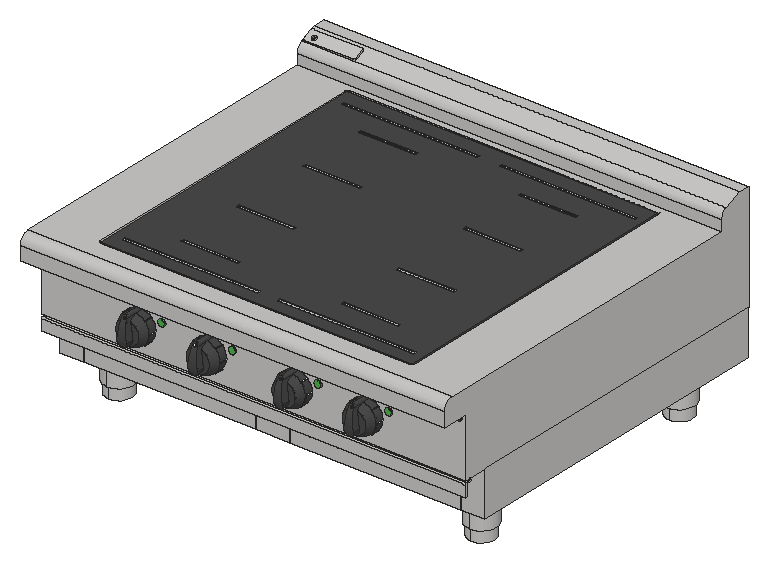
Revit family "QF_Moffat_INL8400F-B_Induction_Cooktop_cat", category Specialty Equipment, Revit 2019
Family settings
  Round Connector Dimension = Use Diameter
  Part Type = Normal
  Work Plane-Based = No
  Always vertical = Yes
  Cut with Voids When Loaded = No
  Shared = No
  Room Calculation Point = No
Parameters (values of type "INL8400F-B_415/60/3")
  Weight in Kilograms = 105
  Watts = 20000 W
  Volts = 415 V
  URL Cutsheet = ""
  Specification by User = ""
  Specification by Manufacturer = ""
  Show Logo [instance] = yes
  Serial Number = ""
  Seismic Rating = ""
  SMACNA No = ""
  Revision Code = ""
  Phase = 3
  Number of Poles = 1
  NAFEM Spec ID Number = ""
  Model = "INL8400F-B"
  Min Ckt Ampacity = 0 A
  Max Overcurrent Protection = 0 A
  Masterspec = ""
  Manufacturer = "Moffat"
  Length = 900 mm
  Item Number = ""
  Installed By = ""
  Identify Quantity as Lot = yes
  Height = 410 mm
  HP = ""
  Furnished By = ""
  Foodservice Equipment Identifier = yes
  FL Amps = 28 A
  Electrical Remarks = ""
  Electric Connection Type = ""
  Elec Conn RI Height = 0 mm
  Elec Conn Connection Height = 0 mm
  Description = "Induction Cooktop"
  Depth = 805 mm
  Cycle = 60 Hz
  Conn Plug = ""
  Conn Conduit = yes
  CSI MasterFormat = ""
  Apparent Power = 19376 VA
Types (2, lengths in mm): name | Volts | Cycle
  INL8400F-B_415/60/3 | 415 V | 60 Hz
  INL8400F-B_400/50/3 | 400 V | 50 Hz
Reference planes
  plane 1 "BACK": y = 0
  plane 2: z = 0
  plane 3 "LEFT": x = 0
  plane 4 "RIGHT": x = 900
  plane 5 "FRONT": y = -805
  plane 6 "TOP": z = 410
  plane 7 "Center Y": x = 450
  plane 8 "Center X": y = -402.5
  plane 9: x = 65.5
  plane 10: y = -30
  plane 11: x = 770
  plane 12: z = 85
  plane 13: y = -100
  plane 14: y = -625
  plane 15: y = -70
  plane 16: z = 355
  plane 17: z = 75
  plane 18: x = 834.5
Forms (mm)
  Extrusion 1, solid, material "QF_Metal_Stainless_Polished"
    sketch origin (0, 0, 0) x (0, 1, 0) y (0, 0, 1)
      loop
        line (0, 180) -> (0, 410) -> (-23.147, 410) -> (-57.632, 395.362)
        arc (-57.632, 395.362) -> (-66.628, 387.88) -> (-70, 376.676) r 20.3
        line (-70, 376.676) -> (-70, 355) -> (-784.417, 355)
        arc (-784.417, 355) -> (-798.971, 348.971) -> (-805, 334.417) r 20.583
        line (-805, 334.417) -> (-805, 305) -> (-749, 305) -> (-749, 180) -> (0, 180)
    from 0 to 900
  Extrusion 2, void
    sketch origin (0, -784.171, 355) x (0, 1, 0) y (-1, 0, 0)
      loop
        arc (699.341, -122.382) -> (697.584, -118.139) -> (693.341, -116.382) r 6
        line (693.341, -116.382) -> (45.245, -116.382)
        arc (45.245, -116.382) -> (41.002, -118.139) -> (39.245, -122.382) r 6
        line (39.245, -122.382) -> (39.245, -777.618)
        arc (39.245, -777.618) -> (41.002, -781.861) -> (45.245, -783.618) r 6
        line (45.245, -783.618) -> (693.341, -783.618)
        arc (693.341, -783.618) -> (697.584, -781.861) -> (699.341, -777.618) r 6
        line (699.341, -777.618) -> (699.341, -122.382)
    from 0 to -9.5
  Extrusion 3, solid, material "QF_Plastic_Black_Smooth"
    sketch origin (0, -784.171, 355) x (0, 1, 0) y (-1, 0, 0)
      loop
        line (695.341, -777.618) -> (695.341, -122.382)
        arc (695.341, -122.382) -> (694.755, -120.968) -> (693.341, -120.382) r 2
        line (693.341, -120.382) -> (45.245, -120.382)
        arc (45.245, -120.382) -> (43.831, -120.968) -> (43.245, -122.382) r 2
        line (43.245, -122.382) -> (43.245, -777.618)
        arc (43.245, -777.618) -> (43.831, -779.032) -> (45.245, -779.618) r 2
        line (45.245, -779.618) -> (693.341, -779.618)
        arc (693.341, -779.618) -> (694.755, -779.032) -> (695.341, -777.618) r 2
      loop
        line (663.444, -138.924) -> (657.444, -138.924) -> (657.444, -426.076) -> (663.444, -426.076) -> (663.444, -138.924)
      loop
        line (78.838, -141.424) -> (72.838, -141.424) -> (72.838, -428.576) -> (78.838, -428.576) -> (78.838, -141.424)
      loop
        line (663.444, -761.076) -> (663.444, -473.924) -> (657.444, -473.924) -> (657.444, -761.076) -> (663.444, -761.076)
      loop
        line (78.838, -758.576) -> (78.838, -471.424) -> (72.838, -471.424) -> (72.838, -758.576) -> (78.838, -758.576)
      loop
        line (600.671, -220) -> (600.671, -340) -> (606.671, -340) -> (606.671, -220) -> (600.671, -220)
      loop
        line (454.421, -220) -> (454.421, -340) -> (460.421, -340) -> (460.421, -220) -> (454.421, -220)
      loop
        line (283.728, -340) -> (283.728, -220) -> (277.728, -220) -> (277.728, -340) -> (283.728, -340)
      loop
        line (136.404, -340) -> (136.404, -220) -> (130.404, -220) -> (130.404, -340) -> (136.404, -340)
      loop
        line (600.671, -680) -> (606.671, -680) -> (606.671, -560) -> (600.671, -560) -> (600.671, -680)
      loop
        line (454.421, -680) -> (460.421, -680) -> (460.421, -560) -> (454.421, -560) -> (454.421, -680)
      loop
        line (283.728, -560) -> (277.728, -560) -> (277.728, -680) -> (283.728, -680) -> (283.728, -560)
      loop
        line (136.404, -560) -> (130.404, -560) -> (130.404, -680) -> (136.404, -680) -> (136.404, -560)
    from 0 to -9.5
  Extrusion 4, solid, material "QF_Metal_Stainless_Polished"
    sketch origin (0, 0, 40) x (0, 1, 0) y (0, 0, 1)
      loop
        line (-739.467, 140) -> (-738.192, 134.838)
        arc (-738.192, 134.838) -> (-738.307, 134.302) -> (-738.799, 134.063) r 0.625
        line (-738.799, 134.063) -> (-746.111, 134.063)
        arc (-746.111, 134.063) -> (-748.011, 133.276) -> (-748.797, 131.377) r 2.686
        line (-748.797, 131.377) -> (-748.797, 107.627) -> (-747.197, 107.627) -> (-747.197, 131.242)
        arc (-747.197, 131.242) -> (-746.84, 132.105) -> (-745.976, 132.463) r 1.221
        line (-745.976, 132.463) -> (-738.755, 132.463)
        arc (-738.755, 132.463) -> (-737.028, 133.304) -> (-736.625, 135.182) r 2.194
        line (-736.625, 135.182) -> (-737.815, 140) -> (-739.467, 140)
    from 0 to 900
  Extrusion 5, solid, material "QF_Plastic_Black_Smooth"
    sketch origin (0, -749, 181.875) x (0, 0, 1) y (-1, 0, 0)
      loop
        circle (112.843, -13.157) r 5
      loop
        circle (112.843, -886.843) r 5
    from 0 to 1.6
  Extrusion 6, solid, material "QF_Metal_Stainless_Polished"
    sketch origin (450, -699, 85) x (0, 1, 0) y (1, 0, 0)
      loop
        circle (669, 320) r 6.35
    from 0 to 10
  Extrusion 7, solid, material "QF_Metal_Stainless_Polished"
    sketch origin (0, -699, 85) x (1, 0, 0) y (0, -1, 0)
      loop
        line (0, -699) -> (900, -699) -> (900, 0) -> (849.2, 0) -> (849.2, -25.4) -> (485.8, -25.4) -> (485.8, 0) -> (414.2, 0) -> (414.2, -25.4) -> (50.8, -25.4) -> (50.8, 0) -> (0, 0) -> (0, -699)
    from 0 to -95
  Extrusion 8, solid, material "QF_Metal_Stainless_Polished"
    sketch origin (50.8, -30, 85) x (0, 1, 0) y (0, 0, 1)
      loop
        line (-669, 0) -> (-643.6, 0) -> (-643.6, 26.45) -> (-669, 26.45) -> (-669, 0)
      loop
        line (-669, 32.45) -> (-643.6, 32.45) -> (-643.6, 66.4) -> (-669, 66.4) -> (-669, 32.45)
      loop
        line (-669, 67.4) -> (-643.6, 67.4) -> (-643.6, 95) -> (-669, 95) -> (-669, 67.4)
    from 0 to 363.4
  Revolve 9, solid, material "QF_Metal_Stainless_Polished"
    sketch origin (65.5, -4572, -304.8) x (0, 0, -1) y (0, -1, 0)
      loop
        line (-304.8, -4499.5) -> (-304.8, -4472) -> (-389.8, -4472) -> (-389.8, -4503.75) -> (-329.8, -4503.75) -> (-329.8, -4499.5) -> (-304.8, -4499.5)
      axis (-389.8, -4472) -> (-304.8, -4472)
    angle from 0 to 360
  Revolve 10, solid, material "QF_Metal_Stainless_Polished"
    sketch origin (65.5, -4572, -304.8) x (0, 0, -1) y (0, -1, 0)
      loop
        line (-304.8, -3974.5) -> (-304.8, -3947) -> (-389.8, -3947) -> (-389.8, -3978.75) -> (-329.8, -3978.75) -> (-329.8, -3974.5) -> (-304.8, -3974.5)
      axis (-389.8, -3947) -> (-304.8, -3947)
    angle from 0 to 360
  Revolve 11, solid, material "QF_Metal_Stainless_Polished"
    sketch origin (834.5, -4572, -304.8) x (0, 0, -1) y (0, 1, 0)
      loop
        line (-304.8, 4499.5) -> (-329.8, 4499.5) -> (-329.8, 4503.75) -> (-389.8, 4503.75) -> (-389.8, 4472) -> (-304.8, 4472) -> (-304.8, 4499.5)
      axis (-389.8, 4472) -> (-304.8, 4472)
    angle from 0 to 360
  Revolve 12, solid, material "QF_Metal_Stainless_Polished"
    sketch origin (834.5, -4572, -304.8) x (0, 0, -1) y (0, 1, 0)
      loop
        line (-304.8, 3974.5) -> (-329.8, 3974.5) -> (-329.8, 3978.75) -> (-389.8, 3978.75) -> (-389.8, 3947) -> (-304.8, 3947) -> (-304.8, 3974.5)
      axis (-389.8, 3947) -> (-304.8, 3947)
    angle from 0 to 360
  Extrusion 13, solid, material "QF_Metal_Stainless_Polished"
    sketch origin (900, 0, 0) x (-1, 0, 0) y (0, -1, 0)
      loop
        line (761.076, 126.726) -> (473.924, 126.726) -> (473.924, 120.726) -> (761.076, 120.726) -> (761.076, 126.726)
      loop
        line (680, 183.5) -> (560, 183.5) -> (560, 177.5) -> (680, 177.5) -> (680, 183.5)
      loop
        line (680, 329.75) -> (560, 329.75) -> (560, 323.75) -> (680, 323.75) -> (680, 329.75)
      loop
        line (680, 506.443) -> (560, 506.443) -> (560, 500.443) -> (680, 500.443) -> (680, 506.443)
      loop
        line (680, 653.766) -> (560, 653.766) -> (560, 647.766) -> (680, 647.766) -> (680, 653.766)
      loop
        line (758.576, 711.333) -> (471.424, 711.333) -> (471.424, 705.333) -> (758.576, 705.333) -> (758.576, 711.333)
      loop
        line (138.924, 126.726) -> (138.924, 120.726) -> (426.076, 120.726) -> (426.076, 126.726) -> (138.924, 126.726)
      loop
        line (220, 183.5) -> (220, 177.5) -> (340, 177.5) -> (340, 183.5) -> (220, 183.5)
      loop
        line (220, 329.75) -> (220, 323.75) -> (340, 323.75) -> (340, 329.75) -> (220, 329.75)
      loop
        line (220, 506.443) -> (220, 500.443) -> (340, 500.443) -> (340, 506.443) -> (220, 506.443)
      loop
        line (220, 653.766) -> (220, 647.766) -> (340, 647.766) -> (340, 653.766) -> (220, 653.766)
      loop
        line (141.424, 711.333) -> (141.424, 705.333) -> (428.576, 705.333) -> (428.576, 711.333) -> (141.424, 711.333)
    from 355 to 345.5
  Extrusion 14, solid, material "QF_Paint_Green"
    sketch origin (123.231, -748.999, 153.75) x (0, 0, 1) y (-1, 0, 0)
      loop
        circle (100.3, -282.5) r 7.15
    from 0 to 1.6
  Extrusion 15, solid, material "QF_Plastic_Black_Smooth"
    sketch origin (135, -748.999, 165.625) x (0, 0, 1) y (-1, 0, 0)
      loop
        circle (112.843, -225) r 5
    from 0 to 1.6
  Extrusion 16, solid, material "QF_Paint_Green"
    sketch origin (-26.769, -748.999, 153.75) x (0, 0, 1) y (-1, 0, 0)
      loop
        circle (100.3, -282.5) r 7.15
    from 0 to 1.6
  Extrusion 17, solid, material "QF_Plastic_Black_Smooth"
    sketch origin (-15, -748.999, 165.625) x (0, 0, 1) y (-1, 0, 0)
      loop
        circle (112.843, -225) r 5
    from 0 to 1.6
  Extrusion 18, solid, material "QF_Paint_Green"
    sketch origin (454.481, -748.999, 153.75) x (0, 0, 1) y (-1, 0, 0)
      loop
        circle (100.3, -282.5) r 7.15
    from 0 to 1.6
  Extrusion 19, solid, material "QF_Plastic_Black_Smooth"
    sketch origin (466.25, -748.999, 165.625) x (0, 0, 1) y (-1, 0, 0)
      loop
        circle (112.843, -225) r 5
    from 0 to 1.6
  Extrusion 20, solid, material "QF_Paint_Green"
    sketch origin (304.481, -748.999, 153.75) x (0, 0, 1) y (-1, 0, 0)
      loop
        circle (100.3, -282.5) r 7.15
    from 0 to 1.6
  Extrusion 21, solid, material "QF_Plastic_Black_Smooth"
    sketch origin (316.25, -748.999, 165.625) x (0, 0, 1) y (-1, 0, 0)
      loop
        circle (112.843, -225) r 5
    from 0 to 1.6
  Extrusion 22, solid, material "QF_Metal_Stainless_Polished"
    sketch origin (849.2, -30, 85) x (0, 1, 0) y (0, 0, -1)
      loop
        line (-669, 0) -> (-669, -26.45) -> (-643.6, -26.45) -> (-643.6, 0) -> (-669, 0)
      loop
        line (-669, -32.45) -> (-669, -66.4) -> (-643.6, -66.4) -> (-643.6, -32.45) -> (-669, -32.45)
      loop
        line (-669, -67.4) -> (-669, -95) -> (-643.6, -95) -> (-643.6, -67.4) -> (-669, -67.4)
    from 0 to 363.4
Cuts and joins
  Extrusion 2 cuts Extrusion 1
Lines and regions (mm)
  symbolic lines
    curve 1: line (0, 0, 0) -> (900, 0, 0)
    curve 2: line (0, -805, 0) -> (0, 0, 0)
    curve 3: line (900, -805, 0) -> (0, -805, 0)
    curve 4: line (900, 0, 0) -> (900, -805, 0)
    curve 5: line (0, -18.182, 0) -> (900, -18.182, 0)
    curve 6: line (0, -70, 0) -> (900, -70, 0)
    curve 7: line (122.382, -84.83, 0) -> (777.618, -84.83, 0)
    curve 8: arc (777.618, -84.83, 0) -> (781.861, -86.587, 0) -> (783.618, -90.83, 0) r 6
    curve 9: line (783.618, -90.83, 0) -> (783.618, -738.926, 0)
    curve 10: arc (783.618, -738.926, 0) -> (781.861, -743.168, 0) -> (777.618, -744.926, 0) r 6
    curve 11: line (777.618, -744.926, 0) -> (122.382, -744.926, 0)
    curve 12: arc (122.382, -744.926, 0) -> (118.139, -743.168, 0) -> (116.382, -738.926, 0) r 6
    curve 13: line (116.382, -738.926, 0) -> (116.382, -90.83, 0)
    curve 14: arc (116.382, -90.83, 0) -> (118.139, -86.587, 0) -> (122.382, -84.83, 0) r 6
    curve 15: line (777.618, -88.83, 0) -> (122.382, -88.83, 0)
    curve 16: arc (122.382, -88.83, 0) -> (120.968, -89.415, 0) -> (120.382, -90.83, 0) r 2
    curve 17: line (120.382, -90.83, 0) -> (120.382, -738.926, 0)
    curve 18: arc (120.382, -738.926, 0) -> (120.968, -740.34, 0) -> (122.382, -740.926, 0) r 2
    curve 19: line (122.382, -740.926, 0) -> (777.618, -740.926, 0)
    curve 20: arc (777.618, -740.926, 0) -> (779.032, -740.34, 0) -> (779.618, -738.926, 0) r 2
    curve 21: line (779.618, -738.926, 0) -> (779.618, -90.83, 0)
    curve 22: arc (779.618, -90.83, 0) -> (779.032, -89.415, 0) -> (777.618, -88.83, 0) r 2
    curve 23: line (783.618, -738.926, 0) -> (783.618, -90.83, 0)
    curve 24: line (779.618, -90.83, 0) -> (779.618, -738.926, 0)
    curve 25: line (138.924, -126.726, 0) -> (426.076, -126.726, 0)
    curve 26: line (426.076, -126.726, 0) -> (426.076, -120.726, 0)
    curve 27: line (426.076, -120.726, 0) -> (138.924, -120.726, 0)
    curve 28: line (138.924, -120.726, 0) -> (138.924, -126.726, 0)
    curve 29: line (220, -183.5, 0) -> (340, -183.5, 0)
    curve 30: line (340, -183.5, 0) -> (340, -177.5, 0)
    curve 31: line (340, -177.5, 0) -> (220, -177.5, 0)
    curve 32: line (220, -177.5, 0) -> (220, -183.5, 0)
    curve 33: line (220, -329.75, 0) -> (340, -329.75, 0)
    curve 34: line (340, -329.75, 0) -> (340, -323.75, 0)
    curve 35: line (340, -323.75, 0) -> (220, -323.75, 0)
    curve 36: line (220, -323.75, 0) -> (220, -329.75, 0)
    curve 37: line (220, -506.443, 0) -> (340, -506.443, 0)
    curve 38: line (340, -506.443, 0) -> (340, -500.443, 0)
    curve 39: line (340, -500.443, 0) -> (220, -500.443, 0)
    curve 40: line (220, -500.443, 0) -> (220, -506.443, 0)
    curve 41: line (220, -653.766, 0) -> (340, -653.766, 0)
    curve 42: line (340, -653.766, 0) -> (340, -647.766, 0)
    curve 43: line (340, -647.766, 0) -> (220, -647.766, 0)
    curve 44: line (220, -647.766, 0) -> (220, -653.766, 0)
    curve 45: line (141.424, -711.333, 0) -> (428.576, -711.333, 0)
    curve 46: line (428.576, -711.333, 0) -> (428.576, -705.333, 0)
    curve 47: line (428.576, -705.333, 0) -> (141.424, -705.333, 0)
    curve 48: line (141.424, -705.333, 0) -> (141.424, -711.333, 0)
    curve 49: line (471.424, -711.333, 0) -> (758.576, -711.333, 0)
    curve 50: line (758.576, -711.333, 0) -> (758.576, -705.333, 0)
    curve 51: line (758.576, -705.333, 0) -> (471.424, -705.333, 0)
    curve 52: line (471.424, -705.333, 0) -> (471.424, -711.333, 0)
    curve 53: line (680, -653.766, 0) -> (560, -653.766, 0)
    curve 54: line (560, -653.766, 0) -> (560, -647.766, 0)
    curve 55: line (560, -647.766, 0) -> (680, -647.766, 0)
    curve 56: line (680, -647.766, 0) -> (680, -653.766, 0)
    curve 57: line (560, -506.443, 0) -> (680, -506.443, 0)
    curve 58: line (680, -506.443, 0) -> (680, -500.443, 0)
    curve 59: line (680, -500.443, 0) -> (560, -500.443, 0)
    curve 60: line (560, -500.443, 0) -> (560, -506.443, 0)
    curve 61: line (560, -329.75, 0) -> (680, -329.75, 0)
    curve 62: line (680, -329.75, 0) -> (680, -323.75, 0)
    curve 63: line (680, -323.75, 0) -> (560, -323.75, 0)
    curve 64: line (560, -323.75, 0) -> (560, -329.75, 0)
    curve 65: line (680, -177.5, 0) -> (560, -177.5, 0)
    curve 66: line (560, -177.5, 0) -> (560, -183.5, 0)
    curve 67: line (560, -183.5, 0) -> (680, -183.5, 0)
    curve 68: line (680, -183.5, 0) -> (680, -177.5, 0)
    curve 69: line (473.924, -126.726, 0) -> (761.076, -126.726, 0)
    curve 70: line (761.076, -126.726, 0) -> (761.076, -120.726, 0)
    curve 71: line (761.076, -120.726, 0) -> (473.924, -120.726, 0)
    curve 72: line (473.924, -120.726, 0) -> (473.924, -126.726, 0)
Dimensions and locks
  equal spacing: plane 3 "LEFT", plane 7 "Center Y", plane 4 "RIGHT"
  "Length": plane 3 "LEFT" to plane 4 "RIGHT"
  equal spacing: plane 5 "FRONT", plane 8 "Center X", plane 1 "BACK"
  "Depth": plane 5 "FRONT" to plane 1 "BACK"
  "Height": plane 6 "TOP" to level
  plane 4 "RIGHT" to plane 3 "LEFT" = 900 mm
  plane 1 "BACK" to plane 5 "FRONT" = 805 mm
  plane 6 "TOP" to plane 2 = 410 mm
  locked: plane 11 to plane 4 "RIGHT" at 130
  plane 1 "BACK" to plane 10 = 30 mm
  plane 1 "BACK" to plane 13 to plane 14 = 100 mm, 525 mm
  plane 1 "BACK" to plane 15 = 70 mm
  plane 16 to level = 355 mm
  level to plane 12 = 85 mm
  plane 17 to level = 75 mm
  plane 11 to plane 4 "RIGHT" = 130 mm
  plane 18 to plane 9 = 769 mm
  locked: plane 4 "RIGHT" to plane 18 at 65.5
  aligned and locked: level to plane 2
  aligned and locked: plane 18 to Revolve 12
  aligned and locked: plane 18 to Revolve 11
  aligned and locked: Extrusion 7 sketch curve to plane 4 "RIGHT"
  aligned and locked: Extrusion 4 to plane 4 "RIGHT"
  aligned and locked: Extrusion 22 to Extrusion 7  (x2)
Automatic sketch dimensions
  Extrusion 2 sketch curve to Extrusion 1 = 39.492 mm
  Extrusion 2 sketch curve to Extrusion 2 sketch curve = 6 mm  (x3)
  Extrusion 1 to Extrusion 2 sketch curve = 20.83 mm  (x2)
  Extrusion 1 to Extrusion 2 sketch curve = 116.382 mm
  Extrusion 1 to Extrusion 2 sketch curve = 122.382 mm
  Extrusion 3 sketch curve to Extrusion 1 = 43.492 mm
  Extrusion 3 sketch curve to Extrusion 3 sketch curve = 2 mm  (x3)
  Extrusion 3 sketch curve to Extrusion 1 = 73.085 mm
  Extrusion 3 sketch curve to Extrusion 3 sketch curve = 0 mm  (x5)
  Extrusion 3 sketch curve to Extrusion 3 sketch curve = 6 mm  (x12)
  Extrusion 3 sketch curve to Extrusion 3 sketch curve = 51.566 mm  (x2)
  Extrusion 3 sketch curve to Extrusion 3 sketch curve = 141.323 mm  (x2)
  Extrusion 3 sketch curve to Extrusion 3 sketch curve = 170.693 mm  (x2)
  Extrusion 1 to Extrusion 3 sketch curve = 113.5 mm  (x2)
  Extrusion 1 to Extrusion 3 sketch curve = 56.726 mm
  Extrusion 1 to Extrusion 3 sketch curve = 20.83 mm  (x2)
  Extrusion 1 to Extrusion 3 sketch curve = 120.382 mm
  Extrusion 3 sketch curve to Extrusion 3 sketch curve = 16.542 mm
  Extrusion 3 sketch curve to Extrusion 3 sketch curve = 19.042 mm  (x2)
  Extrusion 3 sketch curve to Extrusion 3 sketch curve = 81.076 mm  (x2)
  Extrusion 3 sketch curve to Extrusion 3 sketch curve = 78.576 mm  (x3)
  Extrusion 3 sketch curve to Extrusion 3 sketch curve = 120 mm  (x8)
  Extrusion 3 sketch curve to Extrusion 3 sketch curve = 86.076 mm  (x2)
  Extrusion 3 sketch curve to Extrusion 3 sketch curve = 88.576 mm  (x2)
  Extrusion 3 sketch curve to Extrusion 3 sketch curve = 42.848 mm
  Extrusion 3 sketch curve to Extrusion 3 sketch curve = 47.848 mm
  Extrusion 4 sketch curve to plane 5 "FRONT" = 56.203 mm
  Extrusion 4 sketch curve to Extrusion 4 sketch curve = 1.6 mm
  Extrusion 4 sketch curve to Extrusion 4 sketch curve = 1.086 mm
  Extrusion 4 sketch curve to Extrusion 4 sketch curve = 0.135 mm  (x2)
  Extrusion 4 sketch curve to Extrusion 4 sketch curve = 6.644 mm
  Extrusion 4 sketch curve to Extrusion 4 sketch curve = 0.668 mm
  Extrusion 4 sketch curve to Extrusion 4 sketch curve = 0.044 mm
  Extrusion 4 sketch curve to Extrusion 4 sketch curve = 0.563 mm
  Extrusion 4 sketch curve to Extrusion 4 sketch curve = 1.652 mm
  Extrusion 4 sketch curve to Extrusion 4 sketch curve = 1.567 mm
  Extrusion 4 sketch curve to plane 12 = 62.627 mm
  Extrusion 4 sketch curve to Extrusion 4 sketch curve = 23.614 mm
  Extrusion 4 sketch curve to Extrusion 4 sketch curve = 0.594 mm
  Extrusion 4 sketch curve to Extrusion 4 sketch curve = 0.032 mm
  Extrusion 4 sketch curve to Extrusion 4 sketch curve = 5.162 mm
  Extrusion 1 to Extrusion 5 sketch curve = 10.282 mm  (x2)
  Extrusion 1 to Extrusion 5 sketch curve = 13.157 mm  (x2)
  Extrusion 7 to Extrusion 6 sketch curve = 30 mm
  Extrusion 6 sketch curve to Extrusion 7 = 79.2 mm
  Extrusion 7 sketch curve to plane 3 "LEFT" = 0 mm
  plane 1 "BACK" to Extrusion 7 sketch curve = 0 mm
  plane 9 to Extrusion 7 sketch curve = 14.7 mm
  Extrusion 7 sketch curve to plane 7 "Center Y" = 35.8 mm
  plane 7 "Center Y" to Extrusion 7 sketch curve = 35.8 mm
  plane 18 to Extrusion 7 sketch curve = 14.7 mm
  plane 14 to Extrusion 7 sketch curve = 48.6 mm  (x2)
  Extrusion 7 sketch curve to Extrusion 7 sketch curve = 25.4 mm  (x3)
  Extrusion 8 sketch curve to Extrusion 7 = 0 mm  (x8)
  Extrusion 7 to Extrusion 8 sketch curve = 26.45 mm
  Extrusion 8 sketch curve to Extrusion 8 sketch curve = 6 mm
  Extrusion 7 to Extrusion 8 sketch curve = 28.6 mm
  Extrusion 8 sketch curve to Extrusion 8 sketch curve = 1 mm
  plane 12 to Revolve 9 sketch curve = 0 mm
  Revolve 9 sketch curve to level = 0 mm  (x2)
  Revolve 9 sketch curve to plane 13 = 0 mm  (x2)
  plane 15 to Revolve 9 sketch curve = 2.5 mm
  level to Revolve 9 sketch curve = 25 mm
  Revolve 9 sketch curve to plane 15 = 1.75 mm
  Revolve 9 sketch curve to Revolve 9 sketch curve = 25 mm
  plane 12 to Revolve 10 sketch curve = 0 mm
  Revolve 10 sketch curve to level = 0 mm  (x2)
  Revolve 10 sketch curve to plane 14 = 0 mm  (x2)
  level to Revolve 10 sketch curve = 25 mm
  Revolve 10 sketch curve to Revolve 10 sketch curve = 27.5 mm
  Revolve 10 sketch curve to Revolve 10 sketch curve = 31.75 mm
  Revolve 10 sketch curve to Revolve 10 sketch curve = 25 mm
  plane 12 to Revolve 11 sketch curve = 0 mm
  Revolve 11 sketch curve to level = 0 mm  (x2)
  Revolve 11 sketch curve to plane 13 = 0 mm  (x2)
  plane 15 to Revolve 11 sketch curve = 2.5 mm
  Revolve 11 sketch curve to Revolve 11 sketch curve = 25 mm
  Revolve 11 sketch curve to plane 15 = 1.75 mm
  Revolve 11 sketch curve to level = 25 mm
  plane 12 to Revolve 12 sketch curve = 0 mm
  Revolve 12 sketch curve to level = 0 mm  (x2)
  Revolve 12 sketch curve to plane 14 = 0 mm  (x2)
  level to Revolve 12 sketch curve = 25 mm
  Revolve 12 sketch curve to plane 14 = 27.5 mm
  Revolve 12 sketch curve to Revolve 12 sketch curve = 4.25 mm
  Revolve 12 sketch curve to Revolve 12 sketch curve = 25 mm
  Extrusion 13 sketch curve to plane 11 = 8.924 mm
  Extrusion 13 sketch curve to plane 11 = 11.424 mm
  Extrusion 13 sketch curve to plane 14 = 28.766 mm  (x2)
  Extrusion 13 sketch curve to plane 11 = 90 mm  (x4)
  Extrusion 13 sketch curve to plane 7 "Center Y" = 110 mm  (x4)
  Extrusion 13 sketch curve to plane 14 = 22.766 mm
  Extrusion 13 sketch curve to plane 7 "Center Y" = 23.924 mm
  Extrusion 13 sketch curve to plane 7 "Center Y" = 21.424 mm
  plane 7 "Center Y" to Extrusion 13 sketch curve = 21.424 mm
  plane 7 "Center Y" to Extrusion 13 sketch curve = 23.924 mm
  plane 7 "Center Y" to Extrusion 13 sketch curve = 110 mm  (x2)
  Extrusion 13 sketch curve to Extrusion 13 sketch curve = 88.576 mm
  Extrusion 13 sketch curve to Extrusion 13 sketch curve = 86.076 mm
  Extrusion 13 sketch curve to Extrusion 13 sketch curve = 120 mm  (x4)
  plane 9 to Extrusion 13 sketch curve = 75.924 mm
  Extrusion 13 sketch curve to plane 13 = 20.726 mm
  plane 9 to Extrusion 13 sketch curve = 73.424 mm
  Extrusion 13 sketch curve to plane 14 = 80.333 mm  (x2)
  Extrusion 13 sketch curve to Extrusion 13 sketch curve = 6 mm  (x11)
  plane 8 "Center X" to Extrusion 13 sketch curve = 103.943 mm  (x2)
  Extrusion 13 sketch curve to plane 8 "Center X" = 72.75 mm  (x2)
  Extrusion 13 sketch curve to plane 13 = 83.5 mm  (x2)
  Extrusion 13 sketch curve to plane 13 = 26.726 mm
  Extrusion 14 sketch curve to plane 7 "Center Y" = 44.269 mm
  Extrusion 14 sketch curve to plane 16 = 100.95 mm
  Extrusion 15 sketch curve to plane 16 = 76.532 mm
  Extrusion 15 sketch curve to plane 7 "Center Y" = 90 mm
  Extrusion 16 sketch curve to plane 16 = 100.95 mm
  Extrusion 16 sketch curve to plane 9 = 190.231 mm
  Extrusion 17 sketch curve to plane 16 = 76.532 mm
  Extrusion 17 sketch curve to plane 9 = 144.5 mm
  plane 11 to Extrusion 18 sketch curve = 33.019 mm
  Extrusion 18 sketch curve to plane 16 = 100.95 mm
  Extrusion 19 sketch curve to plane 16 = 76.532 mm
  plane 11 to Extrusion 19 sketch curve = 78.75 mm
  Extrusion 20 sketch curve to plane 16 = 100.95 mm
  plane 7 "Center Y" to Extrusion 20 sketch curve = 136.981 mm
  Extrusion 21 sketch curve to plane 16 = 76.532 mm
  plane 7 "Center Y" to Extrusion 21 sketch curve = 91.25 mm
  plane 12 to Extrusion 22 sketch curve = 0 mm
  plane 14 to Extrusion 22 sketch curve = 74 mm
  Extrusion 22 sketch curve to Extrusion 22 sketch curve = 0 mm  (x4)
  Extrusion 22 sketch curve to Extrusion 22 sketch curve = 25.4 mm
  Extrusion 22 sketch curve to plane 12 = 26.45 mm
  Extrusion 22 sketch curve to Extrusion 22 sketch curve = 6 mm
  Extrusion 22 sketch curve to Extrusion 22 sketch curve = 33.95 mm
  Extrusion 22 sketch curve to Extrusion 22 sketch curve = 1 mm
  Extrusion 22 sketch curve to Extrusion 22 sketch curve = 27.6 mm
  Extrusion 1 sketch curve to plane 5 "FRONT" = 0 mm
  Extrusion 1 sketch curve to plane 16 = 0 mm
  Extrusion 1 sketch curve to plane 15 = 0 mm
  Extrusion 1 sketch curve to plane 6 "TOP" = 0 mm
  Extrusion 1 sketch curve to plane 1 "BACK" = 0 mm
  Extrusion 1 sketch curve to Extrusion 1 sketch curve = 20.583 mm
  Extrusion 1 sketch curve to plane 5 "FRONT" = 56 mm
  Extrusion 1 sketch curve to plane 6 "TOP" = 14.638 mm
  Extrusion 1 sketch curve to plane 15 = 12.368 mm
  plane 10 to Extrusion 1 sketch curve = 19.7 mm
  Extrusion 1 sketch curve to plane 10 = 6.853 mm
  Extrusion 1 sketch curve to Extrusion 1 sketch curve = 29.417 mm
  Extrusion 1 sketch curve to plane 12 = 95 mm
  curve 8 to curve 22 = 0 mm
  curve 10 to curve 20 = 0 mm  (x2)
  curve 12 to curve 18 = 0 mm  (x2)
  curve 14 to curve 16 = 0 mm  (x2)
  plane 1 "BACK" to curve 1 = 0 mm
  curve 1 to plane 3 "LEFT" = 0 mm
  curve 6 to plane 4 "RIGHT" = 0 mm
  plane 5 "FRONT" to curve 3 = 0 mm
  plane 15 to curve 6 = 0 mm
  curve 13 to plane 9 = 50.882 mm
  curve 13 to curve 17 = 4 mm
  curve 17 to curve 16 = 2 mm
  curve 17 to curve 18 = 2 mm
  curve 14 to curve 25 = 16.542 mm
  curve 18 to curve 48 = 19.042 mm
  curve 40 to plane 9 = 154.5 mm
  plane 14 to curve 44 = 22.766 mm
  curve 47 to curve 44 = 78.576 mm
  curve 25 to curve 29 = 81.076 mm
  plane 8 "Center X" to curve 36 = 72.75 mm
  curve 36 to curve 29 = 0 mm
  curve 34 to plane 7 "Center Y" = 110 mm
  curve 37 to plane 7 "Center Y" = 110 mm
  plane 14 to curve 41 = 28.766 mm
  curve 41 to plane 7 "Center Y" = 110 mm
  curve 31 to plane 7 "Center Y" = 110 mm
  curve 26 to plane 7 "Center Y" = 23.924 mm
  curve 46 to plane 7 "Center Y" = 21.424 mm
  plane 7 "Center Y" to curve 52 = 21.424 mm
  plane 7 "Center Y" to curve 72 = 23.924 mm
  curve 69 to curve 67 = 86.076 mm
  plane 7 "Center Y" to curve 64 = 110 mm
  plane 7 "Center Y" to curve 60 = 110 mm
  plane 14 to curve 55 = 22.766 mm
  curve 51 to curve 55 = 88.576 mm
  plane 11 to curve 63 = 90 mm
  plane 11 to curve 65 = 90 mm
  plane 11 to curve 59 = 90 mm
  plane 14 to curve 56 = 28.766 mm
  plane 11 to curve 56 = 90 mm
  plane 11 to curve 50 = 11.424 mm
  plane 11 to curve 69 = 8.924 mm
  curve 19 to plane 11 = 7.618 mm
  curve 8 to plane 11 = 7.618 mm
  curve 8 to curve 24 = 2 mm
  curve 11 to plane 5 "FRONT" = 60.074 mm
  curve 10 to curve 50 = 27.593 mm
  curve 18 to curve 45 = 27.593 mm
  curve 45 to curve 47 = 6 mm
  curve 49 to curve 51 = 6 mm
  curve 60 to plane 8 "Center X" = 103.943 mm
  curve 40 to plane 8 "Center X" = 103.943 mm
  curve 57 to curve 59 = 6 mm
  curve 37 to curve 40 = 6 mm
  plane 8 "Center X" to curve 62 = 72.75 mm
  curve 61 to curve 64 = 6 mm
  curve 33 to curve 34 = 6 mm
  plane 13 to curve 29 = 83.5 mm
  plane 13 to curve 67 = 83.5 mm
  curve 29 to curve 31 = 6 mm
  curve 67 to curve 68 = 6 mm
  plane 13 to curve 25 = 26.726 mm
  plane 13 to curve 72 = 26.726 mm
  curve 25 to curve 28 = 6 mm
  curve 69 to curve 71 = 6 mm
  curve 21 to plane 13 = 9.17 mm
  curve 5 to plane 10 = 11.818 mm
  radius of Extrusion 5 sketch curve = 5 mm  (x2)
  radius of Extrusion 6 sketch curve = 6.35 mm
  radius of Extrusion 14 sketch curve = 7.15 mm
  radius of Extrusion 15 sketch curve = 5 mm
  radius of Extrusion 16 sketch curve = 7.15 mm
  radius of Extrusion 17 sketch curve = 5 mm
  radius of Extrusion 18 sketch curve = 7.15 mm
  radius of Extrusion 19 sketch curve = 5 mm
  radius of Extrusion 20 sketch curve = 7.15 mm
  radius of Extrusion 21 sketch curve = 5 mm
Nested families
  nested 1: "Knob" at (327.5, -739.499, 200.75), type "Knob"
  nested 2: "Knob" at (177.5, -739.499, 200.75), type "Knob"
  nested 3: "Knob" at (658.75, -739.499, 200.75), type "Knob"
  nested 4: "Knob" at (508.75, -739.499, 200.75), type "Knob"
  nested 5: "QF_LOGO_Waldorf1" at (2, -56.925, 395.662), visible <- "Show Logo", type "QF_LOGO_Waldorf 2"
Connectors
  electrical at (770, -30, 75), driven by "Volts", driven by "Watts"
    settings: on Extrusion 6, index 3, voltage 415 V, apparent load 20000 VA, apparent load phase1 0 VA, apparent load phase2 0 VA, apparent load phase3 0 VA, power factor 1, load classification "Other", number of poles 1, system type 30, power factor state 1, is connector primary yes, connector utility no, sub classification motor no, connector description "ELECTRICAL CONNECTION"
Definition of nested family "Knob"
  Parameters (values of type "Knob")
    Weight in Pounds = 0
    URL Cutsheet = ""
    Specification by User = ""
    Specification by Manufacturer = ""
    Serial Number = ""
    Seismic Rating = ""
    SMACNA No = ""
    Revision Code = ""
    NAFEM Spec ID Number = ""
    Masterspec = ""
    Length = 65 mm
    Item Number = ""
    Installed By = ""
    Identify Quantity as Lot = yes
    Height = 69.5 mm
    Furnished By = ""
    Foodservice Equipment Identifier = yes
    Depth = 59 mm
    CSI MasterFormat = ""
  Reference planes
    plane 1 "BACK": y = 0
    plane 2: z = 0
    plane 3 "LEFT": x = 0
    plane 4 "RIGHT": x = 65
    plane 5 "FRONT": y = -59
    plane 6 "TOP": z = 69.5
    plane 7 "Center Y": x = 32.5
    plane 8 "Center X": y = -29.5
  Forms (mm)
    Revolve 1, solid
      sketch origin (32.5, 175.397, 1219.2) x (0, 1, 0) y (0, 0, 1)
        loop
          line (-175.397, -1186.7) -> (-219.397, -1186.7) -> (-219.397, -1211.501) -> (-202.106, -1219.2) -> (-185.397, -1219.2) -> (-185.397, -1191.7) -> (-175.397, -1191.7) -> (-175.397, -1186.7)
        axis (-219.397, -1186.7) -> (-175.397, -1186.7)
      angle from 0 to 360
    Extrusion 2, solid
      sketch origin (32.5, 175.397, 1219.2) x (0, 1, 0) y (0, 0, 1)
        loop
          line (-202.106, -1154.2) -> (-185.397, -1154.2) -> (-185.397, -1149.7) -> (-224.105, -1149.7)
          arc (-224.105, -1149.7) -> (-233.965, -1178.467) -> (-230.696, -1208.7) r 70
          line (-230.696, -1208.7) -> (-219.397, -1208.7) -> (-219.397, -1161.899) -> (-202.106, -1154.2)
      from -15 to 15
    Extrusion 3, void
      sketch origin (0, 0, 0) x (1, 0, 0) y (0, 0, 1)
        loop
          line (27.501, 64.613) -> (22.02, 20.585)
          arc (22.02, 20.585) -> (32.792, 10.488) -> (42.986, 21.169) r 10.487
          line (42.986, 21.169) -> (37.499, 64.613)
          arc (37.499, 64.613) -> (32.5, 69.5) -> (27.501, 64.613) r 5
        loop
          line (10, 72.977) -> (10, 5.625) -> (55, 5.625) -> (55, 72.977) -> (10, 72.977)
      from 6.142 to 69.687
    Extrusion 4, solid
      sketch origin (0, -34.115, -16.916) x (1, 0, 0) y (0, 0.45399, 0.891007)
        loop
          circle (32.497, 65) r 2
      from 51.525 to 53.075
    Extrusion 5, solid
      sketch origin (32.5, -10, 32.5) x (0, 0, -1) y (-1, 0, 0)
        loop
          line (-23.54, -22.408) -> (-24.106, -22.974)
          arc (-24.106, -22.974) -> (-23.547, -23.547) -> (-22.974, -24.106) r 33.3
          line (-22.974, -24.106) -> (-22.408, -23.54)
          arc (-22.408, -23.54) -> (-22.981, -22.981) -> (-23.54, -22.408) r 32.5
        loop
          arc (-0.8, -33.29) -> (0, -33.3) -> (0.8, -33.29) r 33.3
          line (0.8, -33.29) -> (0.8, -32.49)
          arc (0.8, -32.49) -> (0, -32.5) -> (-0.8, -32.49) r 32.5
          line (-0.8, -32.49) -> (-0.8, -33.29)
        loop
          arc (23.54, -22.408) -> (22.981, -22.981) -> (22.408, -23.54) r 32.5
          line (22.408, -23.54) -> (22.974, -24.106)
          arc (22.974, -24.106) -> (23.547, -23.547) -> (24.106, -22.974) r 33.3
          line (24.106, -22.974) -> (23.54, -22.408)
        loop
          arc (-23.54, 22.408) -> (-22.981, 22.981) -> (-22.408, 23.54) r 32.5
          line (-22.408, 23.54) -> (-22.974, 24.106)
          arc (-22.974, 24.106) -> (-23.547, 23.547) -> (-24.106, 22.974) r 33.3
          line (-24.106, 22.974) -> (-23.54, 22.408)
        loop
          line (-0.8, 33.29) -> (-0.8, 32.49)
          arc (-0.8, 32.49) -> (0, 32.5) -> (0.8, 32.49) r 32.5
          line (0.8, 32.49) -> (0.8, 33.29)
          arc (0.8, 33.29) -> (0, 33.3) -> (-0.8, 33.29) r 33.3
        loop
          line (32.49, -0.8) -> (33.29, -0.8)
          arc (33.29, -0.8) -> (33.3, 0) -> (33.29, 0.8) r 33.3
          line (33.29, 0.8) -> (32.49, 0.8)
          arc (32.49, 0.8) -> (32.5, 0) -> (32.49, -0.8) r 32.5
        loop
          arc (24.106, 22.974) -> (23.547, 23.547) -> (22.974, 24.106) r 33.3
          line (22.974, 24.106) -> (22.408, 23.54)
          arc (22.408, 23.54) -> (22.981, 22.981) -> (23.54, 22.408) r 32.5
          line (23.54, 22.408) -> (24.106, 22.974)
      from 0 to -16.709
  Cuts and joins
    Extrusion 3 cuts Extrusion 2
  Dimensions and locks
    equal spacing: plane 3 "LEFT", plane 7 "Center Y", plane 4 "RIGHT"
    "Length": plane 3 "LEFT" to plane 4 "RIGHT"
    equal spacing: plane 5 "FRONT", plane 8 "Center X", plane 1 "BACK"
    "Depth": plane 5 "FRONT" to plane 1 "BACK"
    "Height": plane 6 "TOP" to level
    plane 4 "RIGHT" to plane 3 "LEFT" = 65 mm
    aligned and locked: level to plane 2
  Automatic sketch dimensions
    Revolve 1 sketch curve to level = 0 mm
    Revolve 1 sketch curve to plane 1 "BACK" = 0 mm  (x2)
    plane 1 "BACK" to Revolve 1 sketch curve = 10 mm
    plane 8 "Center X" to Revolve 1 sketch curve = 2.791 mm
    Revolve 1 sketch curve to plane 8 "Center X" = 14.5 mm
    level to Revolve 1 sketch curve = 7.699 mm
    level to Revolve 1 sketch curve = 27.5 mm
    Revolve 1 sketch curve to Revolve 1 sketch curve = 5 mm
    Revolve 1 sketch curve to Revolve 1 sketch curve = 35 mm
    Revolve 1 sketch curve to Revolve 1 sketch curve = 0 mm
    Extrusion 2 sketch curve to plane 6 "TOP" = 0 mm
    Extrusion 2 sketch curve to plane 5 "FRONT" = 3.702 mm
    Extrusion 2 sketch curve to plane 5 "FRONT" = 10.293 mm
    Extrusion 2 sketch curve to Extrusion 2 sketch curve = 11.298 mm
    plane 8 "Center X" to Extrusion 2 sketch curve = 2.791 mm
    plane 1 "BACK" to Extrusion 2 sketch curve = 10 mm
    Extrusion 2 sketch curve to plane 1 "BACK" = 11 mm
    Extrusion 2 sketch curve to plane 6 "TOP" = 4.5 mm
    Extrusion 2 sketch curve to plane 6 "TOP" = 12.199 mm
    level to Extrusion 2 sketch curve = 32.962 mm
    level to Extrusion 3 sketch curve = 5.625 mm
    Extrusion 3 sketch curve to plane 7 "Center Y" = 0 mm  (x2)
    Extrusion 3 sketch curve to plane 7 "Center Y" = 4.999 mm
    Extrusion 3 sketch curve to plane 7 "Center Y" = 10.48 mm
    plane 6 "TOP" to Extrusion 3 sketch curve = 3.477 mm
    plane 3 "LEFT" to Extrusion 3 sketch curve = 10 mm
    Extrusion 3 sketch curve to plane 6 "TOP" = 4.887 mm
    Extrusion 3 sketch curve to Extrusion 3 sketch curve = 4.999 mm
    plane 7 "Center Y" to Extrusion 3 sketch curve = 10.486 mm
    level to Extrusion 3 sketch curve = 20.585 mm
    Extrusion 3 sketch curve to Extrusion 3 sketch curve = 0.387 mm
    Extrusion 3 sketch curve to Extrusion 3 sketch curve = 0.113 mm
    plane 4 "RIGHT" to Extrusion 3 sketch curve = 10 mm
    Extrusion 5 sketch curve to Revolve 1 = 32.49 mm
    Revolve 1 to Extrusion 5 sketch curve = 32.49 mm
    Extrusion 5 sketch curve to Revolve 1 = 23.54 mm  (x2)
    Revolve 1 to Extrusion 5 sketch curve = 23.54 mm  (x2)
    Extrusion 5 sketch curve to Revolve 1 = 24.106 mm  (x2)
    Revolve 1 to Extrusion 5 sketch curve = 24.106 mm  (x2)
    Revolve 1 to Extrusion 5 sketch curve = 22.408 mm  (x2)
    Extrusion 5 sketch curve to Revolve 1 = 22.408 mm  (x2)
    Revolve 1 to Extrusion 5 sketch curve = 22.974 mm  (x2)
    Extrusion 5 sketch curve to Revolve 1 = 22.974 mm  (x2)
    Extrusion 5 sketch curve to Extrusion 5 sketch curve = 1.6 mm  (x2)
    Revolve 1 to Extrusion 5 sketch curve = 0.8 mm
    Extrusion 5 sketch curve to Revolve 1 = 0.8 mm
    Extrusion 4 sketch curve to plane 7 "Center Y" = 0.003 mm
    radius of Extrusion 5 sketch curve to Revolve 1 = 0 mm  (x7)
    radius of Revolve 1 to Extrusion 5 sketch curve = 0.8 mm  (x7)
    radius of Extrusion 4 sketch curve = 2 mm
Definition of nested family "QF_LOGO_Waldorf1"
  Parameters (values of type "QF_LOGO_Waldorf")
    Weight in Pounds = 0
    URL Cutsheet = ""
    Specification by User = ""
    Specification by Manufacturer = ""
    Serial Number = ""
    Seismic Rating = ""
    SMACNA No = ""
    Revision Code = ""
    NAFEM Spec ID Number = ""
    Masterspec = ""
    Length = 138 mm
    Item Number = ""
    Installed By = ""
    Identify Quantity as Lot = yes
    Height = 26.711 mm
    Furnished By = ""
    Foodservice Equipment Identifier = yes
    Depth = 3.175 mm
    CSI MasterFormat = ""
  Reference planes
    plane 1 "BACK": y = 0
    plane 2: z = 0
    plane 3 "LEFT": x = 0
    plane 4 "RIGHT": x = 138
    plane 5 "FRONT": y = -3.175
    plane 6 "TOP": z = 26.711
    plane 7 "Center Y": x = 69
    plane 8 "Center X": y = -1.587
  Forms (mm)
    Extrusion 1, solid
      sketch origin (0, 0, 0) x (1, 0, 0) y (0, 0.920505, 0.390731)
        loop
          line (109, 3.464) -> (109, 23.247)
          spline (109, 23.247) -> (108.966, 23.699) -> (108.864, 24.143) -> (108.696, 24.572) -> (108.464, 24.979) -> (108.173, 25.355) -> (107.828, 25.696) -> (107.435, 25.995) -> (107, 26.247) -> (106.531, 26.447) -> (106.035, 26.593) -> (105.522, 26.681) -> (105, 26.711)
          line (105, 26.711) -> (4, 26.711)
          spline (4, 26.711) -> (3.478, 26.681) -> (2.965, 26.593) -> (2.469, 26.447) -> (2, 26.247) -> (1.565, 25.995) -> (1.172, 25.696) -> (0.827, 25.355) -> (0.536, 24.979) -> (0.304, 24.572) -> (0.136, 24.143) -> (0.034, 23.699) -> (0, 23.247)
          line (0, 23.247) -> (0, 3.464)
          spline (0, 3.464) -> (0.034, 3.012) -> (0.136, 2.568) -> (0.304, 2.138) -> (0.536, 1.732) -> (0.827, 1.355) -> (1.172, 1.015) -> (1.565, 0.716) -> (2, 0.464) -> (2.469, 0.264) -> (2.965, 0.118) -> (3.478, 0.03) -> (4, 0)
          line (4, 0) -> (105, 0)
          spline (105, 0) -> (105.522, 0.03) -> (106.035, 0.118) -> (106.531, 0.264) -> (107, 0.464) -> (107.435, 0.716) -> (107.828, 1.015) -> (108.173, 1.355) -> (108.464, 1.732) -> (108.696, 2.138) -> (108.864, 2.568) -> (108.966, 3.012) -> (109, 3.464)
        loop
          line (14.75, 7.005) -> (14.75, 15.654)
          arc (14.75, 15.654) -> (10.425, 11.329) -> (14.75, 7.005) r 4.325
        loop
          line (15.25, 15.654) -> (15.25, 7.005)
          arc (15.25, 7.005) -> (19.575, 11.329) -> (15.25, 15.654) r 4.325
      from 0 to 3.2
    Extrusion 2, solid
      sketch origin (0, 0, 0) x (1, 0, 0) y (0, 0.920505, 0.390731)
        loop
          line (15.25, 15.654) -> (15.25, 7.005)
          arc (15.25, 7.005) -> (19.575, 11.329) -> (15.25, 15.654) r 4.325
      from 0 to 3.2
    Extrusion 3, solid
      sketch origin (16.271, 0, 0) x (-1, 0, 0) y (0, -0.920505, -0.390731)
        loop
          arc (1.521, -15.654) -> (5.846, -11.329) -> (1.521, -7.005) r 4.325
          line (1.521, -7.005) -> (1.521, -15.654)
      from 0 to 3.2
  Lines and regions (mm)
    Split face 1
      outline origin (0, -1.25, 2.946) x (1, 0, 0) y (0, 0.920505, 0.390731)
        loop
          spline (22.129, 16.975) -> (22.389, 15.984) -> (22.649, 15.002) -> (22.91, 14.028) -> (23.172, 13.065) -> (23.433, 12.11) -> (23.695, 11.166) -> (23.956, 10.232) -> (24.218, 9.308) -> (24.479, 8.396) -> (24.74, 7.495) -> (25, 6.605) -> (25.26, 5.728)
          line (25.26, 5.728) -> (29.463, 5.728)
          spline (29.463, 5.728) -> (29.582, 6.252) -> (29.701, 6.78) -> (29.82, 7.313) -> (29.939, 7.85) -> (30.058, 8.391) -> (30.178, 8.936) -> (30.297, 9.485) -> (30.416, 10.038) -> (30.536, 10.594) -> (30.655, 11.155) -> (30.775, 11.719) -> (30.894, 12.287)
          spline (30.894, 12.287) -> (31.018, 11.719) -> (31.142, 11.155) -> (31.266, 10.594) -> (31.39, 10.038) -> (31.514, 9.485) -> (31.638, 8.936) -> (31.762, 8.391) -> (31.885, 7.85) -> (32.009, 7.313) -> (32.133, 6.78) -> (32.256, 6.252) -> (32.379, 5.728)
          line (32.379, 5.728) -> (36.51, 5.728)
          spline (36.51, 5.728) -> (36.766, 6.605) -> (37.023, 7.495) -> (37.28, 8.396) -> (37.538, 9.308) -> (37.795, 10.232) -> (38.053, 11.166) -> (38.311, 12.11) -> (38.569, 13.065) -> (38.826, 14.028) -> (39.083, 15.002) -> (39.34, 15.984) -> (39.597, 16.975)
          line (39.597, 16.975) -> (35.637, 16.975)
          spline (35.637, 16.975) -> (35.523, 16.334) -> (35.41, 15.697) -> (35.296, 15.063) -> (35.182, 14.433) -> (35.068, 13.807) -> (34.954, 13.185) -> (34.84, 12.566) -> (34.726, 11.952) -> (34.612, 11.342) -> (34.497, 10.737) -> (34.383, 10.135) -> (34.269, 9.538)
          spline (34.269, 9.538) -> (34.138, 10.135) -> (34.008, 10.737) -> (33.877, 11.342) -> (33.746, 11.952) -> (33.616, 12.566) -> (33.485, 13.185) -> (33.354, 13.807) -> (33.224, 14.433) -> (33.093, 15.063) -> (32.963, 15.697) -> (32.833, 16.334) -> (32.703, 16.975)
          line (32.703, 16.975) -> (29.247, 16.975)
          spline (29.247, 16.975) -> (29.111, 16.334) -> (28.974, 15.697) -> (28.837, 15.063) -> (28.7, 14.433) -> (28.562, 13.807) -> (28.425, 13.185) -> (28.288, 12.566) -> (28.15, 11.952) -> (28.013, 11.342) -> (27.875, 10.737) -> (27.738, 10.135) -> (27.6, 9.538)
          spline (27.6, 9.538) -> (27.483, 10.135) -> (27.366, 10.737) -> (27.249, 11.342) -> (27.132, 11.952) -> (27.015, 12.566) -> (26.897, 13.185) -> (26.78, 13.807) -> (26.663, 14.433) -> (26.546, 15.063) -> (26.43, 15.697) -> (26.313, 16.334) -> (26.196, 16.975)
          line (26.196, 16.975) -> (22.129, 16.975)
    Split face 2
      outline origin (0, -1.25, 2.946) x (1, 0, 0) y (0, 0.920505, 0.390731)
        loop
          line (51.449, 5.728) -> (51.035, 6.606) -> (51.035, 11.169)
          spline (51.035, 11.169) -> (50.686, 12.42) -> (50.176, 13.224) -> (49.51, 13.708) -> (48.693, 13.995) -> (47.747, 14.152) -> (46.698, 14.207) -> (45.579, 14.186) -> (44.419, 14.114) -> (43.279, 13.929) -> (42.249, 13.481) -> (41.424, 12.614) -> (40.897, 11.169)
          line (40.897, 11.169) -> (44.617, 11.169) -> (44.988, 11.965)
          spline (44.988, 11.965) -> (47.294, 11.682) -> (46.856, 10.932) -> (45.527, 10.609) -> (43.858, 10.439) -> (42.259, 10.123) -> (41.078, 9.417) -> (40.563, 8.246) -> (40.689, 6.989) -> (41.407, 6.052) -> (42.774, 5.536) -> (44.847, 5.497) -> (47.306, 6.602)
          line (47.306, 6.602) -> (47.624, 5.728) -> (51.449, 5.728)
    Split face 3
      outline origin (0, -1.25, 2.946) x (1, 0, 0) y (0, 0.920505, 0.390731)
        loop
          line (47.264, 9.264) -> (44.938, 8.597)
          spline (44.938, 8.597) -> (44.508, 8.228) -> (44.402, 7.9) -> (44.548, 7.626) -> (44.877, 7.42) -> (45.317, 7.295) -> (45.797, 7.265) -> (46.252, 7.342) -> (46.65, 7.525) -> (46.971, 7.813) -> (47.194, 8.201) -> (47.298, 8.685) -> (47.264, 9.264)
    Split face 4
      outline origin (0, -1.25, 2.946) x (1, 0, 0) y (0, 0.920505, 0.390731)
        loop
          line (53.33, 16.975) -> (53.33, 5.728) -> (57.173, 5.728) -> (57.173, 16.975) -> (53.33, 16.975)
    Split face 5
      outline origin (0, -1.25, 2.946) x (1, 0, 0) y (0, 0.920505, 0.390731)
        loop
          line (65.795, 16.975) -> (65.795, 12.976)
          spline (65.795, 12.976) -> (63.839, 14.082) -> (62.087, 14.096) -> (60.633, 13.343) -> (59.574, 12.148) -> (58.99, 10.806) -> (58.867, 9.452) -> (59.156, 8.159) -> (59.81, 7) -> (60.786, 6.056) -> (62.111, 5.514) -> (63.868, 5.634) -> (66.137, 6.679)
          line (66.137, 6.679) -> (66.137, 5.728) -> (69.511, 5.728) -> (69.511, 16.975) -> (65.795, 16.975)
    Split face 6
      outline origin (0, -1.25, 2.946) x (1, 0, 0) y (0, 0.920505, 0.390731)
        loop
          spline (64.273, 7.499) -> (64.754, 7.57) -> (65.202, 7.777) -> (65.587, 8.106) -> (65.882, 8.535) -> (66.067, 9.034) -> (66.131, 9.57) -> (66.067, 10.106) -> (65.882, 10.605) -> (65.587, 11.034) -> (65.202, 11.363) -> (64.754, 11.57) -> (64.273, 11.64)
          spline (64.273, 11.64) -> (63.793, 11.57) -> (63.345, 11.363) -> (62.96, 11.034) -> (62.665, 10.605) -> (62.479, 10.106) -> (62.416, 9.57) -> (62.479, 9.034) -> (62.665, 8.535) -> (62.96, 8.106) -> (63.345, 7.777) -> (63.793, 7.57) -> (64.273, 7.499)
    Split face 7
      outline origin (0, -1.25, 2.946) x (1, 0, 0) y (0, 0.920505, 0.390731)
        loop
          spline (76.449, 5.305) -> (77.855, 5.457) -> (79.166, 5.901) -> (80.291, 6.607) -> (81.155, 7.527) -> (81.698, 8.599) -> (81.883, 9.749) -> (81.698, 10.899) -> (81.155, 11.97) -> (80.291, 12.891) -> (79.166, 13.597) -> (77.855, 14.041) -> (76.449, 14.192)
          spline (76.449, 14.192) -> (75.042, 14.041) -> (73.731, 13.597) -> (72.606, 12.891) -> (71.742, 11.97) -> (71.199, 10.899) -> (71.014, 9.749) -> (71.199, 8.599) -> (71.742, 7.527) -> (72.606, 6.607) -> (73.731, 5.901) -> (75.042, 5.457) -> (76.449, 5.305)
    Split face 8
      outline origin (0, -1.25, 2.946) x (1, 0, 0) y (0, 0.920505, 0.390731)
        loop
          spline (76.449, 7.654) -> (76.841, 7.725) -> (77.206, 7.934) -> (77.52, 8.267) -> (77.76, 8.701) -> (77.912, 9.206) -> (77.963, 9.749) -> (77.912, 10.291) -> (77.76, 10.796) -> (77.52, 11.23) -> (77.206, 11.563) -> (76.841, 11.772) -> (76.449, 11.843)
          spline (76.449, 11.843) -> (76.057, 11.772) -> (75.691, 11.563) -> (75.378, 11.23) -> (75.137, 10.796) -> (74.986, 10.291) -> (74.934, 9.749) -> (74.986, 9.206) -> (75.137, 8.701) -> (75.378, 8.267) -> (75.691, 7.934) -> (76.057, 7.725) -> (76.449, 7.654)
    Split face 9
      outline origin (0, -1.25, 2.946) x (1, 0, 0) y (0, 0.920505, 0.390731)
        loop
          line (86.998, 12.335) -> (86.998, 13.879) -> (83.479, 13.879) -> (83.479, 5.728) -> (87.312, 5.728) -> (87.312, 8.975)
          spline (87.312, 8.975) -> (87.364, 9.356) -> (87.458, 9.686) -> (87.594, 9.968) -> (87.769, 10.204) -> (87.982, 10.398) -> (88.229, 10.55) -> (88.509, 10.666) -> (88.82, 10.746) -> (89.16, 10.794) -> (89.525, 10.812) -> (89.915, 10.803) -> (90.327, 10.77)
          line (90.327, 10.77) -> (90.327, 14.113)
          spline (90.327, 14.113) -> (89.929, 14.127) -> (89.552, 14.111) -> (89.197, 14.066) -> (88.865, 13.991) -> (88.554, 13.887) -> (88.266, 13.754) -> (87.999, 13.591) -> (87.755, 13.399) -> (87.532, 13.177) -> (87.332, 12.926) -> (87.154, 12.645) -> (86.998, 12.335)
    Split face 10
      outline origin (0, -1.25, 2.946) x (1, 0, 0) y (0, 0.920505, 0.390731)
        loop
          line (92.082, 13.879) -> (90.894, 13.879) -> (90.894, 11.972) -> (92.082, 11.972) -> (92.082, 5.728) -> (95.871, 5.728) -> (95.871, 11.972) -> (97.5, 11.972) -> (97.5, 13.879) -> (95.871, 13.879)
          spline (95.871, 13.879) -> (95.843, 14.088) -> (95.845, 14.278) -> (95.877, 14.447) -> (95.939, 14.596) -> (96.03, 14.726) -> (96.151, 14.835) -> (96.301, 14.925) -> (96.482, 14.995) -> (96.692, 15.045) -> (96.931, 15.075) -> (97.201, 15.085) -> (97.5, 15.076)
          line (97.5, 15.076) -> (97.5, 17.266) -> (95.367, 17.266)
          spline (95.367, 17.266) -> (94.982, 17.253) -> (94.58, 17.21) -> (94.174, 17.132) -> (93.774, 17.013) -> (93.39, 16.846) -> (93.034, 16.627) -> (92.717, 16.349) -> (92.448, 16.007) -> (92.24, 15.595) -> (92.102, 15.106) -> (92.046, 14.537) -> (92.082, 13.879)
  Dimensions and locks
    equal spacing: plane 3 "LEFT", plane 7 "Center Y", plane 4 "RIGHT"
    "Length": plane 3 "LEFT" to plane 4 "RIGHT"
    equal spacing: plane 5 "FRONT", plane 8 "Center X", plane 1 "BACK"
    "Depth": plane 5 "FRONT" to plane 1 "BACK"
    "Height": plane 6 "TOP" to level
    plane 4 "RIGHT" to plane 3 "LEFT" = 138 mm
    aligned and locked: level to plane 2
  Automatic sketch dimensions
    Extrusion 1 sketch curve to plane 3 "LEFT" = 0 mm
    plane 3 "LEFT" to Extrusion 1 sketch curve = 4 mm  (x2)
    Extrusion 1 sketch curve to Extrusion 1 sketch curve = 10.75 mm
    Extrusion 1 sketch curve to Extrusion 1 sketch curve = 0.5 mm
    plane 4 "RIGHT" to Extrusion 1 sketch curve = 33 mm
    Extrusion 1 sketch curve to Extrusion 1 sketch curve = 0 mm  (x3)
    Extrusion 1 sketch curve to Extrusion 1 sketch curve = 4 mm
    Extrusion 1 sketch curve to Extrusion 1 sketch curve = 3.464 mm  (x3)
    Extrusion 1 sketch curve to Extrusion 1 sketch curve = 3.541 mm
    Extrusion 1 sketch curve to Extrusion 1 sketch curve = 4.325 mm
    Extrusion 1 sketch curve to Extrusion 1 sketch curve = 19.783 mm
    Extrusion 1 sketch curve to Extrusion 1 sketch curve = 7.592 mm
    plane 3 "LEFT" to Extrusion 2 sketch curve = 15.25 mm
    Extrusion 2 sketch curve to Extrusion 2 sketch curve = 4.325 mm
    plane 3 "LEFT" to Extrusion 3 sketch curve = 14.75 mm
    Extrusion 3 sketch curve to Extrusion 3 sketch curve = 4.325 mm
    Extrusion 1 to Split face 1 sketch curve = 6.879 mm
    Split face 1 sketch curve to Extrusion 1 = 5.728 mm
    Split face 1 sketch curve to Split face 1 sketch curve = 3.132 mm
    Split face 1 sketch curve to Split face 1 sketch curve = 4.068 mm
    Split face 1 sketch curve to Split face 1 sketch curve = 3.051 mm
    Split face 1 sketch curve to Split face 1 sketch curve = 4.203 mm
    Split face 1 sketch curve to Split face 1 sketch curve = 2.916 mm
    Split face 1 sketch curve to Split face 1 sketch curve = 3.456 mm
    Split face 1 sketch curve to Split face 1 sketch curve = 2.934 mm
    Split face 1 sketch curve to Split face 1 sketch curve = 4.131 mm
    Split face 1 sketch curve to Split face 1 sketch curve = 3.96 mm
    Split face 1 sketch curve to Split face 1 sketch curve = 0 mm  (x2)
    Split face 1 sketch curve to Extrusion 1 = 9.736 mm  (x2)
    Extrusion 1 to Split face 1 sketch curve = 6.337 mm
    Extrusion 1 to Split face 1 sketch curve = 6.231 mm
    Extrusion 1 to Split face 1 sketch curve = 3.184 mm
    Extrusion 1 to Split face 1 sketch curve = 13.135 mm
    Split face 1 sketch curve to Split face 1 sketch curve = 4.652 mm
    Split face 1 sketch curve to Split face 1 sketch curve = 3.593 mm
    Split face 1 sketch curve to Split face 1 sketch curve = 1.863 mm
    Split face 1 sketch curve to Split face 1 sketch curve = 0.713 mm
    Split face 1 sketch curve to Split face 1 sketch curve = 2.684 mm
    Split face 1 sketch curve to Split face 1 sketch curve = 3.294 mm
    Split face 1 sketch curve to Split face 1 sketch curve = 0.459 mm
    Split face 1 sketch curve to Split face 1 sketch curve = 2.775 mm
    Split face 1 sketch curve to Split face 1 sketch curve = 1.89 mm
    Split face 1 sketch curve to Split face 1 sketch curve = 0.685 mm
    Split face 1 sketch curve to Split face 1 sketch curve = 9.486 mm
    Split face 1 sketch curve to Split face 1 sketch curve = 16.213 mm
    Split face 1 sketch curve to Split face 1 sketch curve = 3.48 mm
    Split face 1 sketch curve to Split face 1 sketch curve = 4.918 mm
    Split face 1 sketch curve to Split face 1 sketch curve = 7.609 mm
    Split face 1 sketch curve to Split face 1 sketch curve = 0.01 mm  (x2)
    Split face 1 sketch curve to Split face 1 sketch curve = 0.002 mm
    Split face 2 sketch curve to Extrusion 1 = 11.169 mm
    Extrusion 1 to Split face 2 sketch curve = 25.647 mm
    Split face 2 sketch curve to Split face 2 sketch curve = 3.72 mm
    Split face 2 sketch curve to Extrusion 1 = 11.965 mm
    Split face 2 sketch curve to Split face 2 sketch curve = 0.371 mm
    Split face 2 sketch curve to Extrusion 1 = 6.602 mm
    Split face 2 sketch curve to Split face 2 sketch curve = 2.689 mm
    Split face 2 sketch curve to Split face 2 sketch curve = 0.318 mm
    Split face 2 sketch curve to Split face 2 sketch curve = 3.729 mm
    Split face 2 sketch curve to Split face 2 sketch curve = 0.414 mm
    Split face 2 sketch curve to Split face 2 sketch curve = 0.875 mm
    Split face 2 sketch curve to Split face 2 sketch curve = 0.878 mm
    Split face 3 sketch curve to Extrusion 1 = 8.597 mm
    Extrusion 1 to Split face 3 sketch curve = 29.688 mm
    Split face 3 sketch curve to Extrusion 1 = 9.264 mm
    Split face 3 sketch curve to Split face 3 sketch curve = 2.326 mm
    Split face 4 sketch curve to Extrusion 1 = 5.728 mm
    Extrusion 1 to Split face 4 sketch curve = 38.08 mm
    Split face 4 sketch curve to Split face 4 sketch curve = 3.843 mm
    Split face 4 sketch curve to Extrusion 1 = 9.736 mm
    Split face 5 sketch curve to Extrusion 1 = 9.736 mm
    Split face 5 sketch curve to Extrusion 1 = 43.205 mm
    Split face 5 sketch curve to Extrusion 1 = 6.679 mm
    Split face 5 sketch curve to Split face 5 sketch curve = 0.342 mm
    Split face 5 sketch curve to Split face 5 sketch curve = 3.375 mm
    Split face 5 sketch curve to Split face 5 sketch curve = 0.952 mm
    Split face 5 sketch curve to Split face 5 sketch curve = 3.998 mm
    Split face 6 sketch curve to Extrusion 1 = 7.499 mm
    Split face 6 sketch curve to Extrusion 1 = 44.727 mm
    Split face 6 sketch curve to Split face 6 sketch curve = 2.07 mm
    Split face 7 sketch curve to Extrusion 1 = 5.305 mm
    Split face 7 sketch curve to Extrusion 1 = 32.551 mm
    Split face 7 sketch curve to Split face 7 sketch curve = 4.443 mm
    Split face 8 sketch curve to Extrusion 1 = 7.654 mm
    Split face 8 sketch curve to Extrusion 1 = 32.551 mm
    Split face 8 sketch curve to Split face 8 sketch curve = 2.095 mm
    Split face 9 sketch curve to Extrusion 1 = 5.728 mm
    Split face 9 sketch curve to Extrusion 1 = 25.521 mm
    Split face 9 sketch curve to Split face 9 sketch curve = 3.519 mm
    Split face 9 sketch curve to Split face 9 sketch curve = 0.315 mm
    Split face 9 sketch curve to Split face 9 sketch curve = 3.33 mm
    Split face 9 sketch curve to Split face 9 sketch curve = 3.248 mm
    Split face 9 sketch curve to Split face 9 sketch curve = 1.795 mm
    Split face 9 sketch curve to Split face 9 sketch curve = 3.36 mm
    Split face 9 sketch curve to Split face 9 sketch curve = 1.545 mm
    Split face 9 sketch curve to Split face 9 sketch curve = 0.233 mm
    Split face 10 sketch curve to Extrusion 1 = 18.106 mm
    Split face 10 sketch curve to Split face 10 sketch curve = 1.188 mm  (x2)
    Split face 10 sketch curve to Split face 10 sketch curve = 3.285 mm
    Split face 10 sketch curve to Split face 10 sketch curve = 3.789 mm
    Split face 10 sketch curve to Split face 10 sketch curve = 0 mm  (x2)
    Split face 10 sketch curve to Split face 10 sketch curve = 1.629 mm
    Split face 10 sketch curve to Split face 10 sketch curve = 2.133 mm
    Split face 10 sketch curve to Extrusion 1 = 5.728 mm
    Split face 10 sketch curve to Split face 10 sketch curve = 6.245 mm
    Split face 10 sketch curve to Split face 10 sketch curve = 1.907 mm  (x2)
    Split face 10 sketch curve to Split face 10 sketch curve = 1.197 mm
    Split face 10 sketch curve to Split face 10 sketch curve = 2.19 mm
